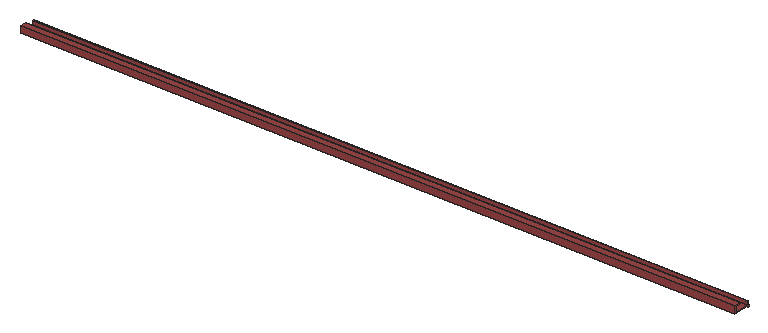
Revit family "Walls_Finishes_EMAC_NOVOTRI-ECLIPSE-ALU-2500mm-a11-h27mm___", category Generic Models, Revit 2015
Parameters (values of type "NLECAL1125BLR")
  PL = no
  Height = 11 mm
  Width = 27 mm
  Product data url = "https://www.bimobject.com/emac/product/nlecal1125"
  Product Material = Finish_Emac_Aluminum-Off-White-142
  Product Guid = "7be11691-79af-49ad-aa9b-e1e2098bc603"
  Manufacturer = "EMAC"
  built-in parameter 1001306 [instance] = 1200 mm
  Edition number = 1
  Description = "NOVOTRI ECLIPSE ALU a: 27  h:11mm BL ROTO-142"
  BLR = yes
Types (4, lengths in mm): name | PL | Height | Width | Product Material | Description | BLR
  (no name) | no | 11 | 27 | Finish_Emac_Aluminum-Off-White-142 | "NOVOTRI ECLIPSE ALU a: 27  h:11mm BL ROTO-142" | yes
  NLECAL1125PL | yes | 25 | 11 | Finish_Emac_Aluminum-Anodized-Matt-Silver-13 | "NOVOTRI ECLIPSE ALU a:11 h:25mm PL-13" | no
  NLECAL1125BLR | no | 11 | 27 | Finish_Emac_Aluminum-Off-White-142 | "NOVOTRI ECLIPSE ALU a: 27  h:11mm BL ROTO-142" | yes
  NLECAL1125NM | no | 11 | 27 | Finish_Emac_Aluminum-Anodized-Matt-Black-90 | "NOVOTRI ECLIPSE ALU a: 27  h:11mm NM-90" | yes
Reference planes
  plane 1 "Center (Front/Back)": y = 0
  plane 2: z = 0
  plane 3 "Left": x = 0
  plane 4 "Right": x = 1200
  plane 5: z = 27
  plane 6: y = 11
Forms (mm)
  Sweep 1, solid, material "Finish_Emac_Aluminum-Off-White-142" <- "Product Material", visible <- "PL"
    path origin (0, 0, 0) x (1, 0, 0) y (0, 1, 0)
      loop
        line (0, 0) -> (1200, 0)
    profile origin (600, 0, 0) x (0, 1, 0) y (0, 0, 1)
      loop
        line (11, 0) -> (11, 27) -> (13, 27) -> (13, 28) -> (3.5, 28) -> (4.339, 27) -> (9.8, 27) -> (9.8, 1.2) -> (1.79, 1.2) -> (0.523, 10.826) -> (0, 11.428) -> (0, 0) -> (11, 0)
  Sweep 2, solid, material "Finish_Emac_Aluminum-Off-White-142" <- "Product Material", visible <- "BLR"
    path origin (0, 0, 0) x (1, 0, 0) y (0, 1, 0)
      loop
        line (0, 0) -> (1200, 0)
    profile origin (600, 0, 0) x (0, 1, 0) y (0, 0, 1)
      loop
        line (28, 0) -> (28, 9.5) -> (27, 8.661) -> (27, 3.2) -> (1.2, 3.2) -> (1.2, 11.21) -> (10.826, 12.477) -> (11.428, 13) -> (0, 13) -> (0, 2) -> (27, 2) -> (27, 0) -> (28, 0)
Lines and regions (mm)
  reference lines
    curve 1: line (0, 0, 0) -> (1200, 0, 0)
Dimensions and locks
  "built-in parameter 1001306": plane 3 "Left" to plane 4 "Right"
  "Width": plane 5 to level
  "Height": plane 6 to plane 1 "Center (Front/Back)"
  locked: Sweep 1 sketch curve to plane 6 at 2
  locked: plane 5 to Sweep 1 sketch curve at 1
  locked: plane 6 to Sweep 1 sketch curve at 7.5
  locked: plane 6 to Sweep 1 sketch curve at 6.661
  locked: Sweep 1 sketch curve to level at 11.428
  locked: Sweep 1 sketch curve to level at 10.826
  aligned and locked: plane 4 "Right" to curve 1
  aligned and locked: plane 1 "Center (Front/Back)" to curve 1
  aligned and locked: plane 3 "Left" to curve 1
  aligned and locked: level to plane 2
  aligned and locked: plane 3 "Left" to Sweep 1 sketch curve
  aligned and locked: plane 4 "Right" to Sweep 1 sketch curve
  aligned and locked: plane 1 "Center (Front/Back)" to Sweep 1 sketch curve
  aligned and locked: curve 1 to Sweep 2 sketch curve
  aligned and locked: plane 3 "Left" to Sweep 2 sketch curve
  aligned and locked: plane 4 "Right" to Sweep 2 sketch curve
Automatic sketch dimensions
  level to Sweep 2 sketch curve = 2 mm
  Sweep 2 sketch curve to profile plane = 0 mm
  Sweep 2 sketch curve to Sweep 2 sketch curve = 1.2 mm
  level to Sweep 2 sketch curve = 12.477 mm
  Sweep 2 sketch curve to Sweep 2 sketch curve = 9.626 mm
  level to Sweep 2 sketch curve = 13 mm
  Sweep 2 sketch curve to Sweep 2 sketch curve = 0.602 mm
  level to Sweep 2 sketch curve = 3.2 mm
  Sweep 2 sketch curve to Sweep 2 sketch curve = 15.572 mm
  Sweep 2 sketch curve to Sweep 2 sketch curve = 0 mm
  level to Sweep 2 sketch curve = 9.5 mm
  Sweep 2 sketch curve to Sweep 2 sketch curve = 1 mm
  Sweep 2 sketch curve to level = 0 mm
  Sweep 2 sketch curve to Sweep 2 sketch curve = 0.839 mm
  Sweep 2 sketch curve to Sweep 2 sketch curve = 1.79 mm
  Sweep 1 sketch curve to level = 0 mm
  Sweep 1 sketch curve to profile plane = 0 mm
  Sweep 1 sketch curve to plane 5 = 0 mm  (x2)
  Sweep 1 sketch curve to plane 6 = 0 mm
  Sweep 1 sketch curve to profile plane = 0.523 mm
  Sweep 1 sketch curve to profile plane = 1.79 mm
  Sweep 1 sketch curve to Sweep 1 sketch curve = 1.2 mm
  level to Sweep 1 sketch curve = 1.2 mm
